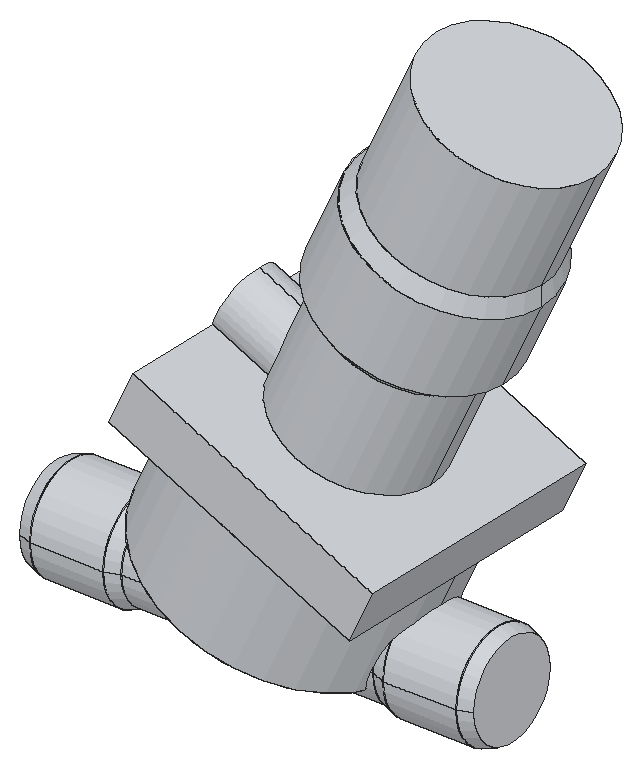
Revit family "OPTIMA_Compact_P_MM_DN15_2,5_RFA_2019", category Pipe Accessories, Revit 2019
Family settings
  Round Connector Dimension = Use Diameter
  Part Type = Valve - Breaks Into
  Work Plane-Based = No
  Always vertical = Yes
  Cut with Voids When Loaded = No
  Shared = No
Parameters (values of type "OPTIMA Compact P DN15 M-M 2.5mm")
  magiProductId = "e2c6e2867cb04e20b310fc655d8e25"
  magiProductFamilyId = "5ce2593e541b4756b7958a6220b877"
  magiPartTypeId = 304
  isMeasuringValve [instance] = no
  ang2D [instance] = 0.00°
  Z6 = 5 mm
  Z5 = 88.5 mm
  Z4 = 18.303 mm
  Z3 = 13 mm
  Z2 = 8.022 mm
  Z1 = 16.845 mm
  X2 = 10.5 mm
  X1 = 14.5 mm
  W2D = 15 mm
  VersionID = "2.0/2019.5.23.1/FRESE_OPTIMA-P_201"
  VIS0 = no
  Use Minimum Symbol Size [instance] = no
  URL = "www.hydronic.cz"
  Type Comments = "vnější závit; PN25; 0~120°C, dpmax=800kPa; bez měřicích vsuvek"
  TLT2 = 32.5 mm
  TL = 65 mm
  R7 = 5 mm
  R5 = 13.794 mm
  R4 = 12.54 mm
  R3 = 11.4 mm
  R2__ve = -R2  # -19 mm
  R2 = 19 mm
  R1 = 6.75 mm
  QmdConnectorList = "301;D;302;D"
  Productdata [instance] = ""
  Manufacturer = "Hydronic Systems Prague s.r.o."
  MC Product Code = "53-4100  (1/2\" M-M; 2.5mm; Qmin~Qmax při dps=5kPa = 93~482 l/h; Qmin~Qmax při dps=10kPa = 73~378 l/h; kvs=1,3)"
  MC Piping Given Pressure Drop [instance] = 0.0 Pa
  MC Enable LOD 350 = no
  MC Enable LOD 200 = no
  MC Constant Outlet Pressure [instance] = 0.0 Pa
  LLDONLY = not(BBVIS)  # yes
  LLDAndHLD = and(or(LLDONLY, MC Enable LOD 350), not(BBVIS))  # yes
  L4 = 13.435 mm
  L3 = 19 mm
  L2D_Min = 30.48 mm
  L2D = 36 mm
  L2 = 44.42 mm
  L = 36 mm
  HH = 80.215 mm
  H = 83 mm
  ENBL350 = and(MC Enable LOD 350, not(BBVIS))  # no
  Description = "Armatura pro regulaci průtoku, omezení průtoku a stabilizaci tlakové diference"
  DT2 = 7.5 mm
  D = 15 mm
  CAT = no
  BBVIS = MC Enable LOD 200  # no
Types (4, lengths in mm): name | magiProductId | Z5 | X2 | X1 | W2D | TLT2 | TL | R1 | MC Product Code | L2D | L | DT2 | D
  OPTIMA Compact P DN15 M-M 2.5mm | "e2c6e2867cb04e20b310fc655d8e25" | 88.5 | 10.5 | 14.5 | 15 | 32.5 | 65 | 6.75 | "53-4100  (1/2\" M-M; 2.5mm; Qmin~Qmax při dps=5kPa = 93~482 l/h; Qmin~Qmax při dps=10kPa = 73~378 l/h; kvs=1,3)" | 36 | 36 | 7.5 | 15
  OPTIMA Compact P DN15 M-M 5.0mm | "de010cba6d924babace2e100200bd1" | 88.5 | 10.5 | 14.5 | 15 | 32.5 | 65 | 6.75 | "53-4102  (1/2\" M-M; 5.0mm; Qmin~Qmax při dps=5kPa = 198~1032 l/h; Qmin~Qmax při dps=10kPa = 156~809 l/h; kvs=2,7)" | 36 | 36 | 7.5 | 15
  OPTIMA Compact P DN20 M-M 2.5mm | "9b3b796f370b421c8a31739fcad6d9" | 91 | 12.8 | 16.8 | 20 | 35 | 70 | 9 | "53-4103  (3/4\" M-M; 2.5mm; Qmin~Qmax při dps=5kPa = 93~482 l/h; Qmin~Qmax při dps=10kPa = 73~378 l/h; kvs=1,3)" | 36.4 | 36.4 | 10 | 20
  OPTIMA Compact P DN20 M-M 5.0mm | "2f6d325ab3f64974a2f7ca30c30193" | 91 | 12.8 | 16.8 | 20 | 35 | 70 | 9 | "53-4105  (3/4\" M-M; 5.0mm; Qmin~Qmax při dps=5kPa = 198~1032 l/h; Qmin~Qmax při dps=10kPa = 156~809 l/h; kvs=2,7)" | 36.4 | 36.4 | 10 | 20
Reference planes
  plane 1 "Center (Front/Back)": y = 0
  plane 2 "XYPLANE": z = 0
  plane 3 "Center (Left/Right)": x = 0
  plane 4 "100": y = -19
  plane 5 "99": y = 19
  plane 6 "98": x = 44.42
  plane 7 "94": through (-654.382, 0, 375.613) normal (0.4226, 0, 0.9063)
  plane 8 "92": through (-655.439, 0, 373.347) normal (0.4226, 0, 0.9063)
  plane 9 "86": z = -7.5
  plane 10 "76": through (305.901, 0, 683.957) normal (0.9063, 0, -0.4226)
  plane 11 "60": through (-660.933, 0, 361.565) normal (0.4226, 0, 0.9063)
  plane 12 "57": through (-661.99, 0, 359.299) normal (0.4226, 0, 0.9063)
  plane 13 "55": through (-669.109, 0, 344.032) normal (0.4226, 0, 0.9063)
  plane 14 "52": through (-668.263, 0, 345.845) normal (0.4226, 0, 0.9063)
  plane 15 "48": through (-672.499, 0, 336.762) normal (0.4226, 0, 0.9063)
  plane 16 "47": y = -19
  plane 17 "46": y = 19
  plane 18 "45": through (332.184, 0, 671.701) normal (0.9063, 0, -0.4226)
  plane 19 "44": through (297.744, 0, 687.761) normal (0.9063, 0, -0.4226)
  plane 20 "40": through (-682.576, 0, 315.151) normal (0.4226, 0, 0.9063)
  plane 21 "38": through (-679.618, 0, 321.495) normal (0.4226, 0, 0.9063)
  plane 22 "37": y = 0
  plane 23 "36": through (314.964, 0, 679.731) normal (0.9063, 0, -0.4226)
  plane 24 "32": x = 30.5
  plane 25 "31": x = 20
  plane 26 "30": x = 18
  plane 27 "19": x = -18
  plane 28 "18": x = -20
  plane 29 "12": x = -30.5
  plane 30 "6": x = 32.5
  plane 31 "5": x = -32.5
  plane 32 "3": z = 0
  plane 33 "2": y = 0
  plane 34 "33XY": through (-681.731, 0, 316.964) normal (0.4226, 0, 0.9063)
  plane 35 "33XZ": y = 0
  plane 36 "33YZ": through (314.964, 0, 679.731) normal (0.9063, 0, -0.4226)
Forms (mm)
  Extrusion 1, solid, visible <- "BBVIS"
    sketch origin (-750, 0, -7.5) x (1, 0, 0) y (0, 1, 0)
      loop
        line (717.5, 19) -> (717.5, -19) -> (794.42, -19) -> (794.42, 19) -> (717.5, 19)
    from 0 to 88.5 <- "Z5"
  Extrusion 2, solid, visible <- "LLDAndHLD"
    sketch origin (-654.382, 0, 375.613) x (0.906308, 0, -0.422618) y (0, 1, 0)
      loop
        circle (750, 0) r 12.54
    from 0 to 18.303 <- "Z4"
  Blend 3, solid, visible <- "LLDAndHLD"
    base sketch origin (-655.439, 0, 373.347) x (0.906308, 0, -0.422618) y (0, 1, 0)
      loop
        circle (750, 0) r 13.794
    top sketch origin (-655.439, 0, 373.347) x (0.906308, 0, -0.422618) y (0, 1, 0)
      loop
        circle (750, 0) r 12.54
    from 0 to 2.5
  Extrusion 4, solid, visible <- "LLDAndHLD"
    sketch origin (-660.933, 0, 361.565) x (0.906308, 0, -0.422618) y (0, 1, 0)
      loop
        circle (750, 0) r 13.794
    from 0 to 13 <- "Z3"
  Blend 5, solid, visible <- "LLDAndHLD"
    base sketch origin (-661.99, 0, 359.299) x (0.906308, 0, -0.422618) y (0, 1, 0)
      loop
        circle (750, 0) r 11.4
    top sketch origin (-661.99, 0, 359.299) x (0.906308, 0, -0.422618) y (0, 1, 0)
      loop
        circle (750, 0) r 12.54
    from 0 to 2.5
  Extrusion 6, solid, visible <- "LLDAndHLD"
    sketch origin (-669.109, 0, 344.032) x (0.906308, 0, -0.422618) y (0, 1, 0)
      loop
        circle (750, 0) r 11.4
    from 0 to 16.845 <- "Z1"
  Extrusion 7, solid, visible <- "LLDAndHLD"
    sketch origin (314.964, 0, 679.731) x (-0.422618, 0, -0.906308) y (0, 1, 0)
      loop
        circle (718.133, 0) r 5
    from 0 to -19 <- "R2__ve"
  Extrusion 8, solid, visible <- "LLDAndHLD"
    sketch origin (-672.499, 0, 336.762) x (0.906308, 0, -0.422618) y (0, 1, 0)
      loop
        line (731, 19) -> (731, -19) -> (769, -19) -> (769, 19) -> (731, 19)
    from 0 to 8.022 <- "Z2"
  Blend 9, solid, visible <- "LLDAndHLD"
    base sketch origin (-682.576, 0, 315.151) x (0.906308, 0, -0.422618) y (0, 1, 0)
      loop
        circle (740, 0) r 6.75
    top sketch origin (-682.576, 0, 315.151) x (0.906308, 0, -0.422618) y (0, 1, 0)
      loop
        circle (750, 0) r 19
    from 0 to 7
  Extrusion 10, solid, visible <- "LLDAndHLD"
    sketch origin (-679.618, 0, 321.495) x (0.906308, 0, -0.422618) y (0, 1, 0)
      loop
        circle (750, 0) r 19
    from 0 to 16.845 <- "Z1"
  Extrusion 11, solid, visible <- "LLDAndHLD"
    sketch origin (-18, -750, 0) x (0, 1, 0) y (0, 0, 1)
      loop
        circle (750, 0) r 6.75
    from 0 to 36 <- "L"
  Blend 12, solid, visible <- "LLDAndHLD"
    base sketch origin (18, -750, 0) x (0, 1, 0) y (0, 0, 1)
      loop
        circle (750, 0) r 6.75
    top sketch origin (18, -750, 0) x (0, 1, 0) y (0, 0, 1)
      loop
        circle (750, 0) r 7.5
    from 0 to 2
  Extrusion 13, solid, visible <- "LLDAndHLD"
    sketch origin (20, -750, 0) x (0, 1, 0) y (0, 0, 1)
      loop
        circle (750, 0) r 7.5
    from 0 to 10.5 <- "X2"
  Blend 14, solid, visible <- "LLDAndHLD"
    base sketch origin (32.5, -750, 0) x (0, 1, 0) y (0, 0, 1)
      loop
        circle (750, 0) r 6.75
    top sketch origin (32.5, -750, 0) x (0, 1, 0) y (0, 0, 1)
      loop
        circle (750, 0) r 7.5
    from 0 to -2
  Blend 15, solid, visible <- "LLDAndHLD"
    base sketch origin (-18, -750, 0) x (0, 1, 0) y (0, 0, 1)
      loop
        circle (750, 0) r 6.75
    top sketch origin (-18, -750, 0) x (0, 1, 0) y (0, 0, 1)
      loop
        circle (750, 0) r 7.5
    from 0 to -2
  Extrusion 16, solid, visible <- "LLDAndHLD"
    sketch origin (-30.5, -750, 0) x (0, 1, 0) y (0, 0, 1)
      loop
        circle (750, 0) r 7.5
    from 0 to 10.5 <- "X2"
  Blend 17, solid, visible <- "LLDAndHLD"
    base sketch origin (-32.5, -750, 0) x (0, 1, 0) y (0, 0, 1)
      loop
        circle (750, 0) r 6.75
    top sketch origin (-32.5, -750, 0) x (0, 1, 0) y (0, 0, 1)
      loop
        circle (750, 0) r 7.5
    from 0 to 2
  Extrusion 18, solid, not visible
    sketch origin (18, -750, 0) x (0, 1, 0) y (0, 0, 1)
      loop
        circle (750, 0) r 10
    from 0 to -10
  Extrusion 19, solid, not visible
    sketch origin (-18, -750, 0) x (0, 1, 0) y (0, 0, 1)
      loop
        circle (750, 0) r 10
    from 0 to 10
Lines and regions (mm)
  reference lines, not visible
    curve 1: circle (2, 2, 0) r 1 normal (0, 0, 1)
Dimensions and locks
  plane 1 "Center (Front/Back)" to curve 1 = 2 mm
  "R2": plane 1 "Center (Front/Back)" to plane 4 "100"
  "R2": plane 1 "Center (Front/Back)" to plane 5 "99"
  "L2": plane 3 "Center (Left/Right)" to plane 6 "98"
  locked: plane 8 "92" to plane 7 "94" at 2.5
  "Z3": plane 11 "60" to plane 8 "92"
  "DT2": plane 2 "XYPLANE" to plane 9 "86"
  locked: plane 36 "33YZ" to plane 10 "76" at 10
  locked: plane 12 "57" to plane 11 "60" at 2.5
  "Z1": plane 13 "55" to plane 12 "57"
  "Z2": plane 15 "48" to plane 13 "55"
  locked: plane 13 "55" to plane 14 "52" at 2
  "Z1": plane 21 "38" to plane 15 "48"
  "R2": plane 35 "33XZ" to plane 16 "47"
  "R2": plane 35 "33XZ" to plane 17 "46"
  "R2": plane 36 "33YZ" to plane 18 "45"
  "R2": plane 36 "33YZ" to plane 19 "44"
  locked: plane 34 "33XY" to plane 20 "40" at 2
  locked: plane 34 "33XY" to plane 21 "38" at 5
  locked: plane 35 "33XZ" to plane 22 "37"
  locked: plane 36 "33YZ" to plane 23 "36"
  "X2": plane 25 "31" to plane 24 "32"
  locked: plane 26 "30" to plane 25 "31" at 2
  "L": plane 27 "19" to plane 26 "30"
  locked: plane 28 "18" to plane 27 "19" at 2
  "X2": plane 29 "12" to plane 28 "18"
  locked: plane 31 "5" to plane 29 "12" at 2
  locked: plane 24 "32" to plane 30 "6" at 2
  "TLT2": plane 3 "Center (Left/Right)" to plane 31 "5"
  locked: plane 2 "XYPLANE" to plane 32 "3"
  locked: plane 1 "Center (Front/Back)" to plane 33 "2"
  Extrusion 1 sketch curve to Extrusion 1 sketch curve = 0 mm  (x8)
  Extrusion 8 sketch curve to Extrusion 8 sketch curve = 0 mm  (x8)
  "R4": radius of Extrusion 2 sketch curve
  "R4": radius of Blend 3 sketch curve
  "R5": radius of Blend 3 sketch curve
  "R5": radius of Extrusion 4 sketch curve
  "R4": radius of Blend 5 sketch curve
  "R3": radius of Blend 5 sketch curve
  "R3": radius of Extrusion 6 sketch curve
  "R7": radius of Extrusion 7 sketch curve
  "R2": radius of Blend 9 sketch curve
  "R1": radius of Blend 9 sketch curve
  "R2": radius of Extrusion 10 sketch curve
  "R1": radius of Extrusion 11 sketch curve
  "DT2": radius of Blend 12 sketch curve
  "R1": radius of Blend 12 sketch curve
  "DT2": radius of Extrusion 13 sketch curve
  "DT2": radius of Blend 14 sketch curve
  "R1": radius of Blend 14 sketch curve
  "DT2": radius of Blend 15 sketch curve
  "R1": radius of Blend 15 sketch curve
  "DT2": radius of Extrusion 16 sketch curve
  "DT2": radius of Blend 17 sketch curve
  "R1": radius of Blend 17 sketch curve
  aligned and locked: level to plane 2 "XYPLANE"
  aligned and locked: Extrusion 1 sketch curve to plane 31 "5"
  aligned and locked: plane 5 "99" to Extrusion 1 sketch curve  (x2)
  aligned and locked: plane 4 "100" to Extrusion 1 sketch curve  (x2)
  aligned and locked: plane 31 "5" to Extrusion 1 sketch curve
  aligned and locked: plane 6 "98" to Extrusion 1 sketch curve  (x2)
  aligned and locked: plane 22 "37" to Extrusion 2 sketch curve
  aligned and locked: Extrusion 2 sketch curve to plane 23 "36"
  aligned and locked: plane 22 "37" to Blend 3 sketch curve  (x2)
  aligned and locked: Blend 3 sketch curve to plane 23 "36"  (x2)
  aligned and locked: plane 7 "94" to Blend 3
  aligned and locked: plane 22 "37" to Extrusion 4 sketch curve
  aligned and locked: Extrusion 4 sketch curve to plane 23 "36"
  aligned and locked: plane 22 "37" to Blend 5 sketch curve  (x2)
  aligned and locked: Blend 5 sketch curve to plane 23 "36"  (x2)
  aligned and locked: plane 11 "60" to Blend 5
  aligned and locked: plane 22 "37" to Extrusion 6 sketch curve
  aligned and locked: Extrusion 6 sketch curve to plane 23 "36"
  aligned and locked: plane 14 "52" to Extrusion 7 sketch curve
  aligned and locked: plane 22 "37" to Extrusion 7 sketch curve
  aligned and locked: Extrusion 8 sketch curve to plane 19 "44"  (x2)
  aligned and locked: plane 17 "46" to Extrusion 8 sketch curve  (x2)
  aligned and locked: Extrusion 8 sketch curve to plane 16 "47"
  aligned and locked: Extrusion 8 sketch curve to plane 18 "45"
  aligned and locked: plane 16 "47" to Extrusion 8 sketch curve
  aligned and locked: plane 18 "45" to Extrusion 8 sketch curve
  aligned and locked: plane 22 "37" to Blend 9 sketch curve  (x2)
  aligned and locked: Blend 9 sketch curve to plane 23 "36"
  aligned and locked: Blend 9 sketch curve to plane 10 "76"
  aligned and locked: plane 21 "38" to Blend 9
  aligned and locked: plane 22 "37" to Extrusion 10 sketch curve
  aligned and locked: Extrusion 10 sketch curve to plane 23 "36"
  aligned and locked: plane 32 "3" to Extrusion 11 sketch curve
  aligned and locked: Extrusion 11 sketch curve to plane 33 "2"
  aligned and locked: plane 32 "3" to Blend 12 sketch curve  (x2)
  aligned and locked: Blend 12 sketch curve to plane 33 "2"  (x2)
  aligned and locked: plane 25 "31" to Blend 12
  aligned and locked: plane 32 "3" to Extrusion 13 sketch curve
  aligned and locked: Extrusion 13 sketch curve to plane 33 "2"
  aligned and locked: plane 32 "3" to Blend 14 sketch curve  (x2)
  aligned and locked: Blend 14 sketch curve to plane 33 "2"  (x2)
  aligned and locked: Blend 14 to plane 24 "32"
  aligned and locked: plane 32 "3" to Blend 15 sketch curve  (x2)
  aligned and locked: Blend 15 sketch curve to plane 33 "2"  (x2)
  aligned and locked: Blend 15 to plane 28 "18"
  aligned and locked: plane 32 "3" to Extrusion 16 sketch curve
  aligned and locked: Extrusion 16 sketch curve to plane 33 "2"
  aligned and locked: plane 32 "3" to Blend 17 sketch curve  (x2)
  aligned and locked: Blend 17 sketch curve to plane 33 "2"  (x2)
  aligned and locked: plane 29 "12" to Blend 17
  aligned and locked: plane 32 "3" to Extrusion 18 sketch curve
  aligned and locked: Extrusion 18 sketch curve to plane 33 "2"
  aligned and locked: plane 32 "3" to Extrusion 19 sketch curve
  aligned and locked: Extrusion 19 sketch curve to plane 33 "2"
Automatic sketch dimensions
  plane 4 "100" to Extrusion 18 sketch curve = 9 mm
  plane 4 "100" to Extrusion 19 sketch curve = 9 mm
  plane 3 "Center (Left/Right)" to curve 1 = 2 mm
  radius of curve 1 = 1 mm
Nested families
  nested 1: "1_RadialArray" at (10.622, 0, 27.068) x (0.6409, 0.7071, -0.2988) z (0.4226, 0, 0.9063), L1 <- "L3", type "Family2"
    with StartAngle 0.00°, NumberOfObjects 4, ModelLinesVisible no, L1 19 mm, H 5 mm, DN 10 mm, ArcAngle 360.00°
Connectors
  piping at (-18, 0, 0), diameter 15, driven by "D"
    settings: on Extrusion 19, index 1, connector inside diameter 609.6 mm, connector length 0 mm, flow factor 0, pipe flow 0.0 L/s, pressure drop 0.0 Pa, fitting loss kfactor 0, connector angle 0.00°, fixture units 0, engagement length 0 mm, angle of deflection 0.00°, flow configuration 0, flow direction 0, fitting loss method 0, system type 29, joint type 0, gender type 0, connector reference index 2, connector utility 0, adjustable connector no, is connector primary yes, connector description ""
  piping at (18, 0, 0), diameter 15, driven by "D"
    settings: on Extrusion 18, index 2, connector inside diameter 609.6 mm, connector length 0 mm, flow factor 0, pipe flow 0.0 L/s, pressure drop 0.0 Pa, fitting loss kfactor 0, connector angle 0.00°, fixture units 0, engagement length 0 mm, angle of deflection 0.00°, flow configuration 0, flow direction 0, fitting loss method 0, system type 29, joint type 0, gender type 0, connector reference index 1, connector utility 0, adjustable connector no, is connector primary no, connector description ""
